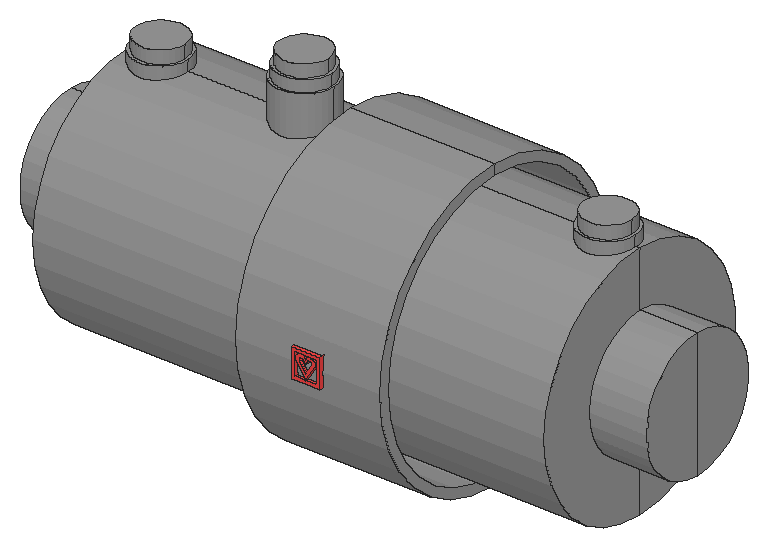
Revit family "Systemtrenner 0307 AG-AG", category Rohrzubehör, Revit 2020
Family settings
  Bemaßung runder Anschluss = Durchmesser verwenden
  Teiletyp = Unterbricht
  OmniClass-Nummer = 23.65.55.14
  OmniClass-Titel = Valves for Liquid Services
  Arbeitsebenenbasiert = Nein
  Immer vertikal = Ja
  Beim Laden mit Abzugskörper schneiden = Nein
  Gemeinsam genutzt = Nein
Parameters (values of type "AG-AG DN40-DN40")
  Vorgabe-Ansicht = 0.000 mm
  URL = "www.herz-armaturen.at"
  SCTWSEQ = "AW;SBT_TYP_AW=\"104\";2"
  SCTWCODE = "04;12;02"  # constant formula
  S03 = 15.000 mm  # constant formula
  S02 = 45.000 mm  # constant formula
  S01 = 98.000 mm  # constant formula
  Nennweite Ein [instance] = if(AG_AG_DN40_DN40, 40.000 mm, if(AG_AG_DN40_DN50, 40.000 mm, if(AG_AG_DN50_DN40, 50.000 mm, if(AG_AG_DN50_DN50, 50.000 mm, 0.000 mm))))  # 40.000 mm
  Nennweite Aus [instance] = if(AG_AG_DN40_DN40, 40.000 mm, if(AG_AG_DN40_DN50, 50.000 mm, if(AG_AG_DN50_DN40, 40.000 mm, if(AG_AG_DN50_DN50, 50.000 mm, 0.000 mm))))  # 40.000 mm
  Medium = "Wasser (ohne Dampf)"
  Max. Betriebstemperatur (Kurzzeitig) = 80 °C  # constant formula
  Max. Betriebstemperatur = 65 °C  # constant formula
  Max. Betriebsdruck = 1000000.0 Pa  # constant formula
  L05 = 73.000 mm  # constant formula
  L04 = 28.000 mm  # constant formula
  L03 = 87.500 mm  # constant formula
  L02 = 18.000 mm  # constant formula
  L01 = 196.000 mm  # constant formula
  Hinweis = "Gemäß Art 33 der REACH-Verordnung (EG Nr. 1907/2006) sind wir verpflichtet, darauf hinzuweisen, dass der Stoff Blei auf der SVHC-Liste geführt wird und dass alle aus Messing bestehenden Bauteile, die in unseren Erzeugnissen verarbeitet sind, mehr als 0,1 % (w/w) Blei (CAS: 7439-92-1 / EINECS: 231-100-4) enthalten.\r\nDa Blei als Legierungsbestandteil fest gebunden ist, sind keine Expositionen zu erwarten und daher sind keine zusätzlichen Angaben zur sicheren Verwendung notwendig."
  Hersteller = "HERZ Armaturen Ges.m.b.H."  # constant formula
  Gehäuse = "Edelstahl"  # constant formula
  Einbaulage = "waagrecht oder senkrecht nach unten zeigend"  # constant formula
  D02 = 45.000 mm  # constant formula
  D01 = 37.500 mm  # constant formula
  Bestellnummer [instance] = if(AG_AG_DN40_DN40, "I030703", if(AG_AG_DN40_DN50, "I030711", if(AG_AG_DN50_DN40, "I030715", if(AG_AG_DN50_DN50, "I030707", "0"))))  # "I030703"
  Ausführung = "Der Systemtrenner wurde nach der Norm DIN EN 1717 entwickelt.\r\nLaut dieser Norm ist die Wasserqualität je nach Grad der Verschmutzung in 5 Klassen eingeteilt. Der Systemtrenner Typ BA erlaubt eine Absicherung gegen Nichttrinkwasser bis zur Gefahrenklasse 4, der höchsten Gefahrenklasse, die mit einer Armatur abgesichert werden kann.\r\nEine niedrigere Absicherung eines Standrohres als mit einem Systemtrenner BA nach DIN EN 1717 entspricht nicht mehr dem Stand der Technik und führt damit bei einem Schadensfall zur Haftpflicht des Betreibers eines solchen Standrohres.\r\nDie Funktionseinheit ist als einteilige Kartusche mit groß bemessenem Steuerkolben und druckstoßgedämpftem Ablassventilsystem ausgebildet.\r\nGewindeanschlüsse sind untereinander austauschbar, wodurch 16 mögliche Anschlussvarianten (Eingangs- und Ausgangsseite erhältlich in 1 1/2” Innen- oder Außengewinde alternativ in 2” Innen- oder Außengewinde)."
  Anwendung = "Der Systemtrenner ist eine kostengünstige Lösung zum Nachrüsten von Standrohren mit der nach DIN EN 1717 zwingend vorgeschriebenen Sicherungsarmatur gegen Rücksaugen, Rückfließen oder Rückdrücken von Nichttrinkwasser in die Trinkwasserleitung.\r\nDer Systemtrenner ist für den waagerechten Einbau geeignet.\r\nEr kann auch senkrecht montiert werden aber nach unten zeigend.\r\nFür den Einbau in eine Steigleitung ist er nicht zulässig."
  AG_AG_DN50_DN50 = no
  AG_AG_DN50_DN40 = no
  AG_AG_DN40_DN50 = no
  AG_AG_DN40_DN40 = yes
  AG Aus [instance] = Nennweite Aus / 2  # 20.000 mm
  AG Ein [instance] = Nennweite Ein / 2  # 20.000 mm
Types (5, lengths in mm): name | Nennweite Ein | Nennweite Aus | Bestellnummer | AG_AG_DN50_DN50 | AG_AG_DN50_DN40 | AG_AG_DN40_DN50 | AG_AG_DN40_DN40 | AG Aus | AG Ein
  (no name) | 40.000 | 40.000 | "I030703" | no | no | no | yes | 20.000 | 20.000
  AG-AG DN40-DN50 | 40.000 | 50.000 | "I030711" | no | no | yes | no | 25.000 | 20.000
  AG-AG DN40-DN40 | 40.000 | 40.000 | "I030703" | no | no | no | yes | 20.000 | 20.000
  AG-AG DN50-DN50 | 50.000 | 50.000 | "I030707" | yes | no | no | no | 25.000 | 25.000
  AG-AG DN50-DN40 | 50.000 | 40.000 | "I030715" | no | yes | no | no | 20.000 | 25.000
Reference planes
  plane 1 "Mitte (Vorne/hinten)": y = 0
  plane 2: z = 0
  plane 3 "Mitte (Links/rechts)": x = 0
Forms (mm)
  Revolve 1, solid, material "Messing, weicher Gelbton, geschweißt", detail levels fine
    sketch origin (0, 0, 0) x (1, 0, 0) y (0, 0, 1)
      loop
        line (-98, 0) -> (98, 0) -> (98, 20) -> (80, 20) -> (80, 37.5) -> (-80, 37.5) -> (-80, 20) -> (-98, 20) -> (-98, 0)
      axis (-98, 0) -> (98, 0)
    angle from 0 to 360
  Revolve 2, solid, material "Acetalharz, Schwarz", detail levels fine
    sketch origin (0, 0, 0) x (1, 0, 0) y (0, 0, 1)
      loop
        line (-10.5, 0) -> (1.5, 0) -> (1.5, 42) -> (34.5, 42) -> (34.5, 45) -> (-10.5, 45) -> (-10.5, 0)
      axis (-10.5, 0) -> (34.5, 0)
    angle from 0 to 360
  Extrusion 3, solid, material "Messing, weicher Gelbton, geschweißt", detail levels fine
    sketch origin (0, 0, 0) x (1, 0, 0) y (0, 1, 0)
      loop
        circle (-70, 0) r 8.5
      loop
        circle (70, 0) r 8.5
    from 0 to 40.5
  Extrusion 4, solid, material "Acetalharz, Schwarz", detail levels fine
    sketch origin (0, 0, 0) x (1, 0, 0) y (0, 1, 0)
      loop
        circle (-70, 0) r 7.5
      loop
        circle (70, 0) r 7.5
    from 40.5 to 44.5
  Extrusion 5, solid, material "Messing, weicher Gelbton, geschweißt", detail levels fine
    sketch origin (0, 0, 0) x (1, 0, 0) y (0, 1, 0)
      loop
        circle (-25, 0) r 9.3
    from 0 to 49
  Extrusion 6, solid, material "Messing, weicher Gelbton, geschweißt", detail levels fine
    sketch origin (0, 0, 0) x (1, 0, 0) y (0, 1, 0)
      loop
        circle (-25, 0) r 8.5
    from 49 to 52.5
  Extrusion 7, solid, material "Acetalharz, Schwarz", visible <- "AG_AG_DN40_DN50", detail levels fine
    sketch origin (0, 0, 0) x (1, 0, 0) y (0, 1, 0)
      loop
        circle (-25, 0) r 7.5
    from 52.5 to 56.5
  Extrusion 8, solid, material "Acetalharz, Schwarz", visible <- "AG_AG_DN40_DN40", detail levels fine
    sketch origin (0, 0, 0) x (1, 0, 0) y (0, 1, 0)
      loop
        circle (-25, 0) r 7.5
    from 52.5 to 56.4
  Extrusion 9, solid, material "Acetalharz, Schwarz", visible <- "AG_AG_DN50_DN50", detail levels fine
    sketch origin (0, 0, 0) x (1, 0, 0) y (0, 1, 0)
      loop
        circle (-25, 0) r 7.5
    from 52.5 to 56.3
  Extrusion 10, solid, material "Acetalharz, Schwarz", visible <- "AG_AG_DN50_DN40", detail levels fine
    sketch origin (0, 0, 0) x (1, 0, 0) y (0, 1, 0)
      loop
        circle (-25, 0) r 7.5
    from 52.5 to 56.2
Lines and regions (mm)
  model lines, detail levels coarse+medium
    curve 1: line (-98, 0, 37.5) -> (98, 0, 37.5)
    curve 2: line (-98, 0, -37.5) -> (-98, 0, 37.5)
    curve 3: line (98, 0, -37.5) -> (-98, 0, -37.5)
    curve 4: line (98, 0, 37.5) -> (98, 0, -37.5)
    curve 5: line (-98, 0, -22.5) -> (-53, 0, -22.5)
    curve 6: line (0, 0, -22.5) -> (98, 0, -22.5)
    curve 7: line (-98, 0, 22.5) -> (-53, 0, 22.5)
    curve 8: line (0, 0, 22.5) -> (98, 0, 22.5)
    curve 9: line (-98, 37.5, 0) -> (98, 37.5, 0)
    curve 10: line (-98, -37.5, 0) -> (-98, 37.5, 0)
    curve 11: line (98, -37.5, 0) -> (-98, -37.5, 0)
    curve 12: line (98, 37.5, 0) -> (98, -37.5, 0)
    curve 13: line (-98, 22.5, 0) -> (-53, 22.5, 0)
    curve 14: line (0, 22.5, 0) -> (98, 22.5, 0)
    curve 15: line (-98, -22.5, 0) -> (-53, -22.5, 0)
    curve 16: line (0, -22.5, 0) -> (98, -22.5, 0)
Dimensions and locks
  "L02": Revolve 1 sketch curve to Revolve 1 sketch curve  (x2)
  "L01": Revolve 1 sketch curve to Revolve 1 sketch curve
  equal spacing: Revolve 1 sketch curve, plane 3 "Mitte (Links/rechts)", Revolve 1 sketch curve
  "AG Ein": Revolve 1 sketch curve to plane 2
  "AG Aus": Revolve 1 sketch curve to plane 2
  "D01": Revolve 1 sketch curve to plane 2
  "L03": Revolve 1 to Revolve 2 sketch curve
  equal spacing: curve 4, plane 3 "Mitte (Links/rechts)", curve 2
  "L01": curve 4 to curve 2
  "D01": curve 1 to plane 2 to curve 3
  "S03": curve 5 to curve 3
  "S03": curve 1 to curve 7
  "S03": curve 1 to curve 8
  "S03": curve 6 to curve 3
  "S02": curve 5 to curve 2
  "S02": curve 7 to curve 2
  "S01": curve 8 to curve 4
  "S01": curve 6 to curve 4
  equal spacing: curve 10, plane 3 "Mitte (Links/rechts)", curve 12
  "L01": curve 10 to curve 12
  "D01": curve 11 to plane 1 "Mitte (Vorne/hinten)" to curve 9
  "S03": curve 13 to curve 9
  "S03": curve 11 to curve 15
  "S03": curve 14 to curve 9
  "S03": curve 11 to curve 16
  "S01": curve 14 to curve 12
  "S01": curve 16 to curve 12
  "S02": curve 10 to curve 15
  "S02": curve 10 to curve 13
  "D02": Revolve 2 sketch curve to Revolve 2 sketch curve
  equal spacing: Revolve 2, nested 1, Revolve 2
  "D02": nested 1 to plane 1 "Mitte (Vorne/hinten)"
  "L04": Revolve 1 to Extrusion 3 sketch curve
  "L04": Extrusion 3 sketch curve to Revolve 1
  "L04": Extrusion 4 sketch curve to Revolve 1
  "L04": Revolve 1 to Extrusion 4 sketch curve
  "L05": Revolve 1 to Extrusion 5 sketch curve
  "L05": Revolve 1 to Extrusion 6 sketch curve
  "L05": Revolve 1 to Extrusion 10 sketch curve
  "L05": Revolve 1 to Extrusion 9 sketch curve
  "L05": Revolve 1 to Extrusion 8 sketch curve
  "L05": Revolve 1 to Extrusion 7 sketch curve
  aligned and locked: level to plane 2
Automatic sketch dimensions
  Revolve 1 sketch curve to level = 0.000 mm  (x2)
  Revolve 1 sketch curve to Revolve 1 sketch curve = 1408.530 mm
  Revolve 1 sketch curve to Revolve 1 sketch curve = 1741.148 mm
  Revolve 2 sketch curve to level = 0.000 mm  (x2)
  plane 3 "Mitte (Links/rechts)" to Revolve 2 sketch curve = 1.500 mm
  Revolve 2 sketch curve to Revolve 2 sketch curve = 33.000 mm
  Revolve 2 sketch curve to Revolve 2 sketch curve = 3.000 mm
  Revolve 2 sketch curve to Revolve 2 sketch curve = 1496.030 mm
  Revolve 2 sketch curve to Revolve 2 sketch curve = 1804.648 mm
  plane 1 "Mitte (Vorne/hinten)" to Extrusion 3 sketch curve = 0.000 mm  (x2)
  plane 1 "Mitte (Vorne/hinten)" to Extrusion 4 sketch curve = 0.000 mm  (x2)
  plane 1 "Mitte (Vorne/hinten)" to Extrusion 5 sketch curve = 0.000 mm
  plane 1 "Mitte (Vorne/hinten)" to Extrusion 6 sketch curve = 0.000 mm
  plane 1 "Mitte (Vorne/hinten)" to Extrusion 7 sketch curve = 0.000 mm
  plane 1 "Mitte (Vorne/hinten)" to Extrusion 8 sketch curve = 0.000 mm
  plane 1 "Mitte (Vorne/hinten)" to Extrusion 9 sketch curve = 0.000 mm
  plane 1 "Mitte (Vorne/hinten)" to Extrusion 10 sketch curve = 0.000 mm
  radius of Extrusion 3 sketch curve = 8.500 mm  (x2)
  radius of Extrusion 4 sketch curve = 7.500 mm  (x2)
  radius of Extrusion 5 sketch curve = 9.300 mm
  radius of Extrusion 6 sketch curve = 8.500 mm
  radius of Extrusion 7 sketch curve = 7.500 mm
  radius of Extrusion 8 sketch curve = 7.500 mm
  radius of Extrusion 9 sketch curve = 7.500 mm
  radius of Extrusion 10 sketch curve = 7.500 mm
Nested families
  nested 1: "Herz-Logo-vorne" at (12, -45, 0) x (0, 1, 0) z (0, 0, 1), type "Herz-Logo-vorne", detail levels fine
Connectors
  piping at (-98, 0, 0), diameter 40, driven by "Nennweite Ein"
    settings: on Revolve 1, index 2, connector inside diameter 609.6 mm, connector length 0.000 mm, flow factor 0, pipe flow 0.0 L/s, pressure drop 0.0 Pa, fitting loss kfactor 0, connector angle 0.00°, fixture units 0, engagement length 0.000 mm, angle of deflection 0.00°, flow configuration 0, flow direction 1, fitting loss method 0, system type 29, joint type 0, gender type 0, connector reference index -1, connector utility 0, adjustable connector no, is connector primary yes, connector description ""
  piping at (98, 0, 0), diameter 40, driven by "Nennweite Aus"
    settings: on Revolve 1, index 3, connector inside diameter 609.6 mm, connector length 0.000 mm, flow factor 0, pipe flow 0.0 L/s, pressure drop 0.0 Pa, fitting loss kfactor 0, connector angle 0.00°, fixture units 0, engagement length 0.000 mm, angle of deflection 0.00°, flow configuration 0, flow direction 2, fitting loss method 0, system type 29, joint type 0, gender type 0, connector reference index -1, connector utility 0, adjustable connector no, is connector primary no, connector description ""
Definition of nested family "Herz-Logo-vorne"
  Parameters (values of type "Herz-Logo-vorne")
    Default Elevation = 0.000 mm
  Reference planes
    plane 1 "Mitte (Vorne/hinten)": y = 0
    plane 2: z = 0
    plane 3 "Mitte (Links/rechts)": x = 0
  Forms (mm)
    Extrusion 1, solid
      sketch origin (0.732, -0.018, 0.017) x (0, -1, 0) y (0, 0, 1)
        loop
          line (-0.018, -4.517) -> (4.482, -4.517) -> (4.482, 4.483) -> (-4.518, 4.483) -> (-4.518, -4.517) -> (-0.018, -4.517)
        loop
          line (-0.05, -3.48) -> (3.482, -3.48) -> (3.482, 3.483) -> (-3.518, 3.483) -> (-3.518, -3.48) -> (-0.05, -3.48)
        loop
          arc (-0.018, 2.383) -> (-1.543, 3.287) -> (-3.067, 2.383) r 1.738
          arc (-3.067, 2.383) -> (-3.191, 1.899) -> (-3.067, 1.415) r 1.009
          line (-3.067, 1.415) -> (-0.018, -3.281) -> (3.032, 1.415)
          arc (3.032, 1.415) -> (3.156, 1.899) -> (3.032, 2.383) r 1.009
          arc (3.032, 2.383) -> (1.507, 3.287) -> (-0.018, 2.383) r 1.738
        loop
          arc (1.885, 1.272) -> (2.005, 1.675) -> (1.885, 2.079) r 0.74
          arc (1.885, 2.079) -> (1.265, 2.416) -> (0.644, 2.079) r 0.74
          line (0.644, 2.079) -> (-0.018, 0.97) -> (-0.679, 2.079)
          arc (-0.679, 2.079) -> (-1.3, 2.416) -> (-1.921, 2.079) r 0.74
          arc (-1.921, 2.079) -> (-2.04, 1.675) -> (-1.921, 1.272) r 0.74
          line (-1.921, 1.272) -> (-0.018, -1.658) -> (1.885, 1.272)
      from 0 to 1.5
  Dimensions and locks
    aligned and locked: level to plane 2
